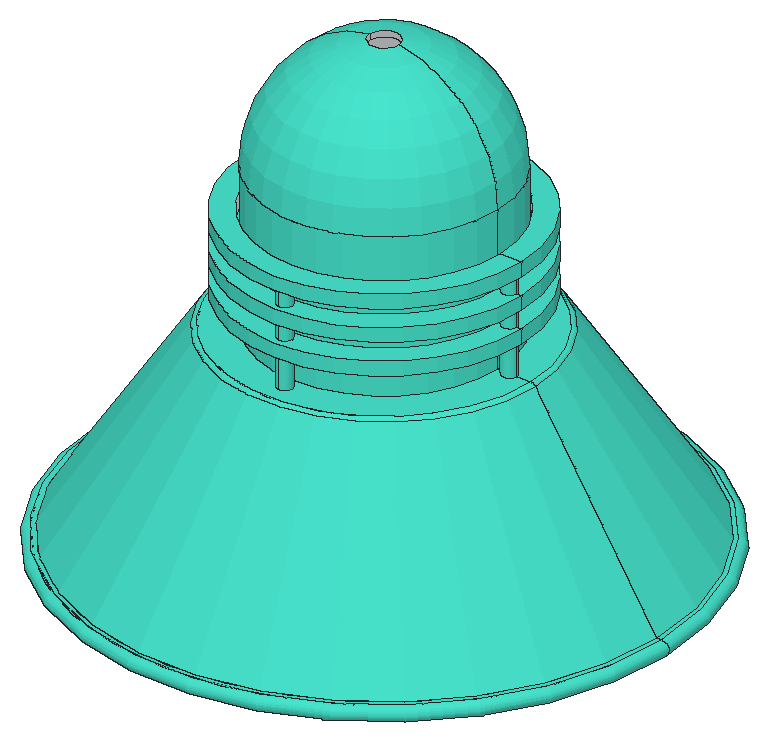
Revit family "SBHR10 SHADE", category Lighting Fixtures, Revit 2024
Family settings
  Round Connector Dimension = Use Diameter
  Part Type = Normal
  OmniClass Number = 23.80.70.00
  OmniClass Title = Lighting
  Work Plane-Based = No
  Always vertical = Yes
  Cut with Voids When Loaded = No
  Light Source = Yes
  Maintain Annotation Orientation = No
  Shared = No
  Room Calculation Point = No
Parameters
  Wattage = 12.1178 W
  built-in parameter 1150110 = 1 (stored number, unit not read)
  built-in parameter 1114217 = 1 (stored number, unit not read)
  built-in parameter 1150109 = 1 (stored number, unit not read)
  built-in parameter 1150134 = (empty or 0)
  built-in parameter 1150113 = 1 (stored number, unit not read)
  Lumens = 1800 lm
  built-in parameter 1150115 = 1 (stored number, unit not read)
  built-in parameter 1150105 = 572.96 (stored number, unit not read)
  Light Source Symbol Size = 2' - 0"
  built-in parameter 1150137 = (empty or 0)
  built-in parameter 1150139 = (empty or 0)
  built-in parameter 1150112 = 1 (stored number, unit not read)
  built-in parameter 1150114 = 1 (stored number, unit not read)
  built-in parameter 1150132 = 2
  built-in parameter 1150102 = (empty or 0)
  built-in parameter 1150138 = (empty or 0)
  built-in parameter 1150107 = 3000 (stored number, unit not read)
  built-in parameter 1150106 = 5.7296 (stored number, unit not read)
  built-in parameter 1150104 = 13.8 (stored number, unit not read)
  Dimming Lamp Color Temperature Shift = (empty or 0)
  Default Elevation = 0' - 0"
  Color Filter = 16777215
  built-in parameter 1114218 = 1 (stored number, unit not read)
  built-in parameter 1150133 = 10 (stored number, unit not read)
Reference planes (in)
  plane 1 "Light Source Axis (F/B)": y = 0
  plane 2: z = 0
  plane 3 "Light Source Axis (L/R)": x = 0
  plane 4 "Light Source Elevation": z = 84
Forms (in)
  Revolve 1, solid
    sketch origin (0, 0, 0) x (1, 0, 0) y (0, 0, 1)
      loop
        line (-4.75116, 84.14199) -> (-2.58276, 87.40625) -> (-1.90625, 87.40625) -> (-1.90625, 90)
        arc (-1.90625, 90) -> (-1.43359, 91.25643) -> (-0.25, 91.88979) r 1.90625
        line (-0.25, 91.88979) -> (-0.25, 91.98431)
        arc (-0.25, 91.98431) -> (-1.5, 91.32288) -> (-2, 90) r 2
        line (-2, 90) -> (-2, 87.5) -> (-2.57941, 87.5)
        arc (-2.57941, 87.5) -> (-2.62667, 87.48813) -> (-2.66271, 87.45533) r 0.1
        line (-2.66271, 87.45533) -> (-4.79196, 84.25) -> (-4.875, 84.25)
        arc (-4.875, 84.25) -> (-4.95716, 84.03079) -> (-4.75116, 84.14199) r 0.125
      loop
        line (-1.6, 88.70469) -> (-1.6, 84.42969)
        arc (-1.6, 84.42969) -> (-1.13137, 83.29832) -> (0, 82.82969) r 1.6
        line (0, 82.82969) -> (0, 82.92344)
        arc (0, 82.92344) -> (-1.06508, 83.36461) -> (-1.50625, 84.42969) r 1.50625
        line (-1.50625, 84.42969) -> (-1.50625, 88.70469) -> (-1.6, 88.70469)
      axis (0, 91.98431) -> (0, 82.82969)
    angle from 0 to 360
  Revolve 2, solid
    sketch origin (0, 0, 0) x (1, 0, 0) y (0, 0, 1)
      loop
        line (-2.4167, 89.33202) -> (-2.4167, 89.09879) -> (-2.04545, 89.09879) -> (-2.04545, 89.33202) -> (-2.4167, 89.33202)
      loop
        line (-2.4167, 88.80468) -> (-2.4167, 88.57145) -> (-2.04545, 88.57145) -> (-2.04545, 88.80468) -> (-2.4167, 88.80468)
      loop
        line (-2.4167, 88.27734) -> (-2.4167, 88.04412) -> (-2.04545, 88.04412) -> (-2.04545, 88.27734) -> (-2.4167, 88.27734)
      axis (0, 89.33202) -> (0, 88.04412)
    angle from 0 to 360
  Sweep 3, solid
    path origin (0, 0, 0) x (1, 0, 0) y (0, 0, 1)
      loop
        line (-2.19469, 87.40625) -> (-2.19469, 89.25)
    profile origin (-2.19469, 0, 88.32813) x (-1, 0, 0) y (0, -1, 0)
      loop
        circle (0, 0) r 0.125
  Sweep 4, solid
    path origin (0, 0, 0) x (0, -1, 0) y (0, 0, 1)
      loop
        line (-2.19469, 87.40625) -> (-2.19469, 89.25)
    profile origin (0, 2.19469, 88.32813) x (0, 1, 0) y (-1, 0, 0)
      loop
        circle (0, 0) r 0.125
  Sweep 5, solid
    path origin (0, 0, 0) x (0, 1, 0) y (0, 0, 1)
      loop
        line (-2.19469, 87.40625) -> (-2.19469, 89.25)
    profile origin (0, -2.19469, 88.32813) x (0, -1, 0) y (1, 0, 0)
      loop
        circle (0, 0) r 0.125
  Sweep 6, solid
    path origin (0, 0, 0) x (-1, 0, 0) y (0, 0, 1)
      loop
        line (-2.19469, 87.40625) -> (-2.19469, 89.25)
    profile origin (2.19469, 0, 88.32813) x (1, 0, 0) y (0, 1, 0)
      loop
        circle (0, 0) r 0.125
Dimensions and locks (in)
  aligned and locked: plane 3 "Light Source Axis (L/R)" to imposter light
  aligned and locked: plane 1 "Light Source Axis (F/B)" to imposter light
  aligned and locked: plane 4 "Light Source Elevation" to imposter light
  aligned and locked: level to plane 2
